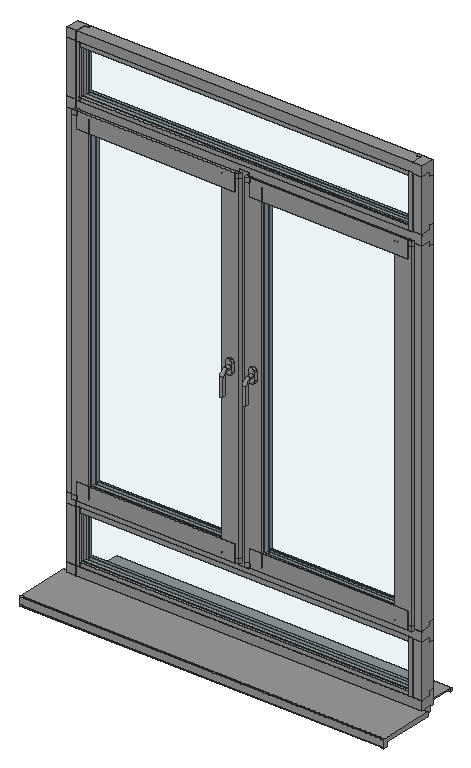
Revit family "deceuninck_okonniy_blok_dvustvorchatiy_s_framugoi_sverhu_i_snizu", category Окна, Revit 2016
Family settings
  Основа = Стена
  Номер OmniClass = 23.30.20.00
  Заголовок OmniClass = Windows
  Всегда вертикально = Да
  При загрузке вырезать с полостями = Нет
  Общий = Нет
  Точка расчета площади = Нет
Parameters (values of type "Энвин ЭКО-60")
  Ширина профиля = 60 mm
  Ширина проема [instance] = ADSK_Ширина рамы + Монтажный зазор.Левый + Монтажный зазор.Правый  # 1640 mm
  Шир прав створка [instance] = if(Одинаковые створки, ADSK_Ширина рамы / 2, Створка правая.Ширина)  # 800 mm
  Четверть.Ширина [instance] = 65 mm
  Четверть.Правая [instance] = if(and(Четверть правая.Видимость, Четверть), Четверть.Ширина, 0 mm)  # 65 mm
  Четверть.Левая [instance] = if(and(Четверть левая.Видимость, Четверть), Четверть.Ширина, 0 mm)  # 65 mm
  Четверть.Глубина [instance] = 120 mm
  Четверть.Высота [instance] = 65 mm
  Четверть правая.Видимость [instance] = yes
  Четверть левая.Видимость [instance] = yes
  Четверть.Врхняя [instance] = if(Четверть, Четверть.Высота, 0 mm)  # 65 mm
  Четверть [instance] = yes
  Цвет профиля = ""
  Фрамуга нижняя.Высота [instance] = 300 mm
  Фрамуга верхняя.Высота [instance] = ADSK_Высота рамы - Высота створки - Фрамуга нижняя.Высота  # 300 mm
  Формула стеклопакета = ""
  Толщина стеклопакета = "32"
  Стеклопакет.Толщина = 32 mm
  Створка правая.Ширина [instance] = 800 mm
  Створка правая [instance] = stvorka : Поворотная право
  Створка левая.Ширина [instance] = ADSK_Ширина рамы - Шир прав створка  # 800 mm
  Створка левая [instance] = stvorka : Поворотная лево
  Система фурнитуры [instance] = ""
  Расчетное значение ветровой нагрузки [instance] = 400
  Рама.Окно.Ширина [instance] = 1600 mm
  Рама.Окно.Высота [instance] = 2200 mm
  Профильная система = "Энвин ЭКО 60"
  Проем.Окно.Ширина [instance] = 1640 mm
  Проем.Окно.Высота [instance] = 2255 mm
  Приточный клапан [instance] = no
  Watermarked By = ""
  Rough Width = 0 mm  # constant formula
  Rough Height = 0 mm  # constant formula
  Подоконник.Глубина [instance] = 0 mm
  Подоконник. Видимость [instance] = yes
  Подоконник [instance] = podokonnik : ПВХ 250
  Площаль элемента [instance] = ADSK_Ширина рамы * ADSK_Высота рамы / 1000000 mm  # 3.52 mm
  Отлив.Свес [instance] = 35 mm
  Отлив.Видимость [instance] = yes
  Откосы.Глубина [instance] = 310 mm
  Одинаковые створки [instance] = no
  Огнестойкость = "Е-15"
  Наименование = "Окно 2-створчатое с фрамугой сверху и снизу Энвин ЭКО-60"
  Монтажный зазор.Спереди [instance] = 10 mm
  Монтажный зазор.Правый [instance] = if(Четверть правая.Видимость, Монтажный зазор.Боковой, 0 mm)  # 20 mm
  Монтажный зазор.Низ [instance] = 10 mm
  Монтажный зазор.Левый [instance] = if(Четверть левая.Видимость, Монтажный зазор.Боковой, 0 mm)  # 20 mm
  Монтажный зазор.Верх [instance] = 20 mm
  Монтажный зазор.Боковой = 20 mm
  Материал-Стеклопакет = none
  Материал-Рама = none
  Материал-Подоконник = ПВХ, белый
  Материал-Отлив = Лист оцинкованый, белый
  Класс профиля = "Тип В"
  Завод-изготовитель [instance] = "ООО Декёнинк Рус, Россия"  # constant formula
  ГОСТ = "ГОСТ 30673-2013"
  Высота створки [instance] = 1600 mm
  Высота прфиля створки = 76 mm
  Высота профиля рамы = 62 mm
  Высота профиля имоста = 82 mm
  Высота проема [instance] = ADSK_Высота рамы + 25 mm + Монтажный зазор.Верх + Монтажный зазор.Низ  # 2255 mm
  Height = 0 mm  # constant formula
  Высота подоконника по умолчанию = 800 mm
  Замыкание стены = По основе
  Width = 0 mm  # constant formula
  Артикул створки/армирование рстворки = "ZE 60D  /  AR1"
  Артикул рамы/армирование рамы = "LE 60D  /  AR1"
  Артикул импоста/армирование импоста = "TE 60D  /  20 x 35"
  Аналитическая конструкция = "<Нет>"
  λ краевой зоны стеклопакета = 0.0600 (m²·K)/W
  Rстеклопакета = 0.7600 (m²·K)/W
  Rпрофиля = 0.6800 (m²·K)/W
  Rпривед [instance] = 1 / (((Ширина профиля / 1000 mm) * (5.4 - 4 * (Ширина профиля / 1000 mm)) / (1.8 * Rпрофиля / Rед)) + ((1.2 - 2 * (Ширина профиля / 1000 mm)) * (1.5 - 2 * (Ширина профиля / 1000 mm)) / (1.8 * Rстеклопакета / Rед)) + (5.4 - 8 * (Ширина профиля / 1000 mm)) * (λ краевой зоны стеклопакета / Rед))  # 0.61064
  Rед = 1.0000 (m²·K)/W
  Iфактич [instance] = ""
  Iтреб [instance] = (((Расчетное значение ветровой нагрузки / 1000000) * ((ADSK_Высота рамы / 10) ^ 4) * (Шир прав створка / 20)) / (1 mm * 1920 mm * 210000 mm * (ADSK_Высота рамы / 3000)) * (25 - (40 * ((Шир прав створка / 20) / ADSK_Высота рамы) ^ 2) + (16 * ((Шир прав створка / 20) / ADSK_Высота рамы) ^ 4))) + (((Расчетное значение ветровой нагрузки / 1000000) * ((ADSK_Высота рамы / 10) ^ 4) * (Створка левая.Ширина / 20)) / (1 mm * 1920 mm * 210000 mm * (ADSK_Высота рамы / 3000)) * (25 - (40 * ((Створка левая.Ширина / 20) / ADSK_Высота рамы) ^ 2) + (16 * ((Створка левая.Ширина / 20) / ADSK_Высота рамы) ^ 4)))  # 6.335 mm
  ADSK_Ширина рамы [instance] = 1600 mm
  ADSK_Позиция [instance] = ""
  ADSK_Высота рамы [instance] = 2200 mm
Reference planes
  plane 1 "По центру (Вперед/Назад)": y = 0
  plane 2 "По центру (Влево/Вправо)": x = 0
  plane 3 "Подоконник": z = 800
  plane 4 "Наружный": y = 250
  plane 5 "Внутренние": y = -250
  plane 6: x = -820
  plane 7: x = 820
  plane 8: x = -755
  plane 9: x = 755
  plane 10: y = 130
  plane 11: z = 3000
  plane 12: x = -800
  plane 13: x = 800
  plane 14: z = 775
  plane 15: z = 3020
  plane 16: z = 765
  plane 17: z = 2955
  plane 18: y = 120
  plane 19: y = 60
  plane 20: x = -738
  plane 21: x = 738
  plane 22: z = 2938
  plane 23: z = 862
  plane 24: x = 0
  plane 25: x = -41
  plane 26: x = 41
  plane 27: y = 107
  plane 28: y = 70
  plane 29: y = 450
  plane 30: z = 2700
  plane 31: z = 1100
Forms (mm)
  Extrusion 1, void
    sketch origin (0, -250, 0) x (1, 0, 0) y (0, 0, 1)
      loop
        line (-820, 3020) -> (-820, 765) -> (820, 765) -> (820, 3020) -> (-820, 3020)
    from 0 to -380
  Extrusion 2, void
    sketch origin (-2200.521, 130, 1000) x (1, 0, 0) y (0, 0, 1)
      loop
        line (1445.521, 1955) -> (1445.521, -235) -> (2955.521, -235) -> (2955.521, 1955) -> (1445.521, 1955)
    from 0 to -320
  Extrusion 3, solid, material <- "Материал-Рама", detail levels fine
    sketch origin (0, 0, 800) x (0, -1, 0) y (-1, 0, 0)
      loop
        line (-120, 800) -> (-120, 738) -> (-107, 738) -> (-107, 758) -> (-60, 758) -> (-60, 800) -> (-120, 800)
      loop
        line (-120, -738) -> (-120, -800) -> (-60, -800) -> (-60, -758) -> (-107, -758) -> (-107, -738) -> (-120, -738)
    from 0 to -2200
  Extrusion 4, solid, material <- "Материал-Рама", detail levels fine
    sketch origin (-750, 0, 0) x (0, -1, 0) y (0, 0, 1)
      loop
        line (-60, 800) -> (-60, 842) -> (-107, 842) -> (-107, 862) -> (-120, 862) -> (-120, 800) -> (-60, 800)
      loop
        line (-60, 2958) -> (-60, 3000) -> (-120, 3000) -> (-120, 2938) -> (-107, 2938) -> (-107, 2958) -> (-60, 2958)
    from 50 to -1550
  Extrusion 5, solid, material <- "Материал-Рама", detail levels fine
    sketch origin (0, 0, 800) x (0, -1, 0) y (-1, 0, 0)
      loop
        line (-120, 41) -> (-120, -41) -> (-107, -41) -> (-107, -21) -> (-60, -21) -> (-60, 21) -> (-107, 21) -> (-107, 41) -> (-120, 41)
    from -300 to -1900
  Extrusion 6, solid, material <- "Материал-Рама"
    sketch origin (-233.865, 107, 2257) x (0, 0, 1) y (-1, 0, 0)
      loop
        line (-1457, 566.135) -> (-1482, 566.135) -> (-1482, -1033.865) -> (-1457, -1033.865) -> (-1457, 566.135)
    from 0 to 37
  Extrusion 7, solid, material "Лист оцинкованый, белый" <- "Материал-Отлив", visible <- "Отлив.Видимость", detail levels fine
    sketch origin (755, 531.754, 1000) x (0, 1, 0) y (0, 0, 1)
      loop
        line (-424.754, -225) -> (-251.754, -225) -> (-251.754, -235) -> (-246.754, -235) -> (-246.754, -220) -> (-424.754, -215) -> (-424.754, -225)
    from 0 to -1510
  Extrusion 8, solid, detail levels medium
    sketch origin (0, 0, 800) x (0, -1, 0) y (-1, 0, 0)
      loop
        line (-120, 800) -> (-120, 738) -> (-60, 738) -> (-60, 800) -> (-120, 800)
      loop
        line (-120, -800) -> (-60, -800) -> (-60, -738) -> (-120, -738) -> (-120, -800)
    from 0 to -2200
  Extrusion 9, solid, detail levels medium
    sketch origin (-750, 0, 0) x (0, -1, 0) y (0, 0, 1)
      loop
        line (-120, 3000) -> (-120, 2938) -> (-60, 2938) -> (-60, 3000) -> (-120, 3000)
      loop
        line (-60, 800) -> (-60, 862) -> (-120, 862) -> (-120, 800) -> (-60, 800)
    from -1550 to 50
  Extrusion 10, solid, detail levels coarse
    sketch origin (0, 0, 800) x (0, -1, 0) y (-1, 0, 0)
      loop
        line (-120, 800) -> (-120, 689) -> (-47, 689) -> (-47, 800) -> (-120, 800)
      loop
        line (-120, -800) -> (-47, -800) -> (-47, -689) -> (-120, -689) -> (-120, -800)
    from 0 to -2200
  Extrusion 11, solid, detail levels coarse
    sketch origin (-750, 0, 0) x (0, -1, 0) y (0, 0, 1)
      loop
        line (-120, 2889) -> (-47, 2889) -> (-47, 3000) -> (-120, 3000) -> (-120, 2889)
      loop
        line (-47, 800) -> (-47, 911) -> (-120, 911) -> (-120, 800) -> (-47, 800)
      loop
        line (-47, 2790) -> (-120, 2790) -> (-120, 2610) -> (-47, 2610) -> (-47, 2790)
      loop
        line (-120, 1010) -> (-47, 1010) -> (-47, 1190) -> (-120, 1190) -> (-120, 1010)
    from -1550 to 50
  Extrusion 12, solid, detail levels medium
    sketch origin (0, 0, 800) x (0, -1, 0) y (-1, 0, 0)
      loop
        line (-120, 21) -> (-120, -21) -> (-60, -21) -> (-60, 21) -> (-120, 21)
    from -300 to -1900
  Extrusion 13, solid, detail levels fine
    sketch origin (-750, 0, 0) x (0, -1, 0) y (0, 0, 1)
      loop
        line (-60, 2679) -> (-60, 2721) -> (-107, 2721) -> (-107, 2741) -> (-120, 2741) -> (-120, 2659) -> (-107, 2659) -> (-107, 2679) -> (-60, 2679)
      loop
        line (-60, 1079) -> (-60, 1121) -> (-107, 1121) -> (-107, 1141) -> (-120, 1141) -> (-120, 1059) -> (-107, 1059) -> (-107, 1079) -> (-60, 1079)
    from -1550 to 50
  Extrusion 14, solid, detail levels medium
    sketch origin (-750, 0, 0) x (0, -1, 0) y (0, 0, 1)
      loop
        line (-60, 1121) -> (-120, 1121) -> (-120, 1079) -> (-60, 1079) -> (-60, 1121)
      loop
        line (-60, 2721) -> (-120, 2721) -> (-120, 2679) -> (-60, 2679) -> (-60, 2721)
    from -1550 to 50
  Extrusion 15, solid, detail levels coarse
    sketch origin (0, 0, 0) x (1, 0, 0) y (0, 1, 0)
      loop
        line (-89, 120) -> (-89, 47) -> (89, 47) -> (89, 120) -> (-89, 120)
    from 1100 to 2700
Lines and regions (mm)
  symbolic lines, style "Windows"
    curve 1: line (-800, 130, 0) -> (800, 130, 0)
Text (mm)
  text "Наружный" at (0, 923.751, 2943.296), in view "Справа"
  text "Наружный" at (0, 1040.484, 2685.409), in view "Слева"
Dimensions and locks
  "Высота подоконника по умолчанию": plane 3 "Подоконник" to level
  locked: plane 4 "Наружный" to host wall at 0
  locked: plane 5 "Внутренние" to host wall
  "Четверть.Глубина": plane 10 to plane 4 "Наружный"
  "ADSK_Высота рамы": plane 11 to plane 3 "Подоконник"
  "Монтажный зазор.Верх": plane 15 to plane 11
  locked: plane 3 "Подоконник" to plane 14 at 25
  "Монтажный зазор.Низ": plane 14 to plane 16
  "Четверть.Врхняя": plane 15 to plane 17
  equal spacing: plane 13, plane 2 "По центру (Влево/Вправо)", plane 12
  "ADSK_Ширина рамы": plane 13 to plane 12
  "Четверть.Левая": plane 8 to plane 6
  "Четверть.Правая": plane 7 to plane 9
  "Монтажный зазор.Левый": plane 12 to plane 6
  "Монтажный зазор.Правый": plane 13 to plane 7
  "Монтажный зазор.Спереди": plane 10 to plane 18
  "Ширина профиля": plane 18 to plane 19
  "Высота профиля рамы": plane 12 to plane 20
  locked: Extrusion 3 sketch curve to Extrusion 3 sketch curve at 13  (x2)
  locked: Extrusion 3 sketch curve to Extrusion 3 sketch curve at 20  (x2)
  "Высота профиля рамы": plane 21 to plane 13
  "Высота профиля рамы": plane 11 to plane 22
  "Высота профиля рамы": plane 3 "Подоконник" to plane 23
  locked: Extrusion 4 sketch curve to Extrusion 4 sketch curve at 13  (x2)
  locked: Extrusion 4 sketch curve to Extrusion 4 sketch curve at 20  (x2)
  "Шир прав створка": plane 13 to plane 24
  equal spacing: plane 25, plane 24, plane 26
  "Высота профиля имоста": plane 25 to plane 26
  locked: Extrusion 5 sketch curve to plane 26 at 20
  locked: plane 25 to Extrusion 5 sketch curve at 20
  locked: plane 18 to plane 27 at 13
  locked: plane 28 to plane 19 at 10
  locked: Extrusion 7 sketch curve to Extrusion 7 sketch curve at 5  (x2)
  locked: Extrusion 7 sketch curve to Extrusion 7 sketch curve at 10
  "Отлив.Свес": Extrusion 7 to plane 4 "Наружный"
  locked: plane 4 "Наружный" to plane 29 at 200
  "Откосы.Глубина": plane 19 to plane 5 "Внутренние"
  locked: Extrusion 13 sketch curve to Extrusion 13 sketch curve at 20  (x4)
  "Высота профиля имоста": Extrusion 13 sketch curve to Extrusion 13 sketch curve  (x2)
  equal spacing: Extrusion 13 sketch curve, plane 30, Extrusion 13 sketch curve
  "Фрамуга нижняя.Высота": plane 31 to plane 3 "Подоконник"
  "Высота створки": plane 30 to plane 31
  equal spacing: Extrusion 13 sketch curve, plane 31, Extrusion 13 sketch curve
  "Проем.Окно.Высота": plane 15 to plane 16
  "Рама.Окно.Высота": plane 11 to plane 3 "Подоконник"
  "Проем.Окно.Ширина": plane 7 to plane 6
  "Рама.Окно.Ширина": plane 12 to plane 13
  aligned and locked: Extrusion 1 sketch curve to plane 15
  aligned and locked: Extrusion 1 sketch curve to plane 6
  aligned and locked: Extrusion 1 sketch curve to plane 7
  aligned and locked: Extrusion 1 sketch curve to plane 16
  aligned and locked: plane 10 to Extrusion 1
  aligned and locked: Extrusion 2 sketch curve to plane 17
  aligned and locked: Extrusion 2 sketch curve to plane 8
  aligned and locked: Extrusion 2 sketch curve to plane 9
  aligned and locked: Extrusion 2 sketch curve to plane 16
  aligned and locked: Extrusion 3 sketch curve to plane 18
  aligned and locked: Extrusion 3 sketch curve to plane 19
  aligned and locked: Extrusion 3 sketch curve to plane 20
  aligned and locked: Extrusion 3 sketch curve to plane 12
  aligned and locked: plane 18 to Extrusion 3 sketch curve
  aligned and locked: plane 19 to Extrusion 3 sketch curve
  aligned and locked: Extrusion 3 sketch curve to plane 13
  aligned and locked: Extrusion 3 sketch curve to plane 21
  aligned and locked: plane 11 to Extrusion 3
  aligned and locked: Extrusion 4 sketch curve to plane 19  (x2)
  aligned and locked: Extrusion 4 sketch curve to plane 18  (x2)
  aligned and locked: Extrusion 4 sketch curve to plane 23
  aligned and locked: Extrusion 4 sketch curve to plane 3 "Подоконник"
  aligned and locked: Extrusion 4 sketch curve to plane 22
  aligned and locked: Extrusion 4 sketch curve to plane 11
  aligned and locked: Extrusion 4 to plane 13
  aligned and locked: Extrusion 4 to plane 12
  aligned and locked: Extrusion 5 sketch curve to plane 18
  aligned and locked: Extrusion 5 sketch curve to plane 19
  aligned and locked: Extrusion 6 sketch curve to plane 12
  aligned and locked: Extrusion 6 sketch curve to plane 3 "Подоконник"
  aligned and locked: Extrusion 6 sketch curve to plane 14
  aligned and locked: plane 13 to Extrusion 6 sketch curve
  aligned and locked: plane 28 to Extrusion 6
  aligned and locked: nested 1 to plane 3 "Подоконник"
  aligned and locked: plane 28 to nested 1
  aligned and locked: nested 1 to plane 2 "По центру (Влево/Вправо)"
  aligned and locked: plane 14 to Extrusion 7 sketch curve
  aligned and locked: Extrusion 7 to plane 8
  aligned and locked: plane 27 to Extrusion 7 sketch curve
  aligned and locked: plane 29 to Extrusion 2
  aligned and locked: curve 1 to plane 10
  aligned and locked: plane 11 to Extrusion 8
  aligned and locked: Extrusion 9 sketch curve to plane 11
  aligned and locked: Extrusion 9 sketch curve to plane 22
  aligned and locked: Extrusion 9 sketch curve to plane 19  (x2)
  aligned and locked: Extrusion 9 sketch curve to plane 18  (x2)
  aligned and locked: Extrusion 9 sketch curve to plane 3 "Подоконник"
  aligned and locked: Extrusion 9 sketch curve to plane 23
  aligned and locked: Extrusion 9 to plane 13
  aligned and locked: Extrusion 8 sketch curve to plane 20
  aligned and locked: Extrusion 8 sketch curve to plane 19  (x2)
  aligned and locked: Extrusion 8 sketch curve to plane 12
  aligned and locked: plane 13 to Extrusion 8 sketch curve
  aligned and locked: plane 21 to Extrusion 8 sketch curve
  aligned and locked: Extrusion 10 sketch curve to plane 12
  aligned and locked: Extrusion 10 sketch curve to plane 18  (x2)
  aligned and locked: plane 13 to Extrusion 10 sketch curve
  aligned and locked: plane 11 to Extrusion 10
  aligned and locked: Extrusion 11 sketch curve to plane 18  (x2)
  aligned and locked: Extrusion 10 to Extrusion 11 sketch curve  (x4)
  aligned and locked: Extrusion 11 sketch curve to plane 11
  aligned and locked: Extrusion 11 sketch curve to plane 3 "Подоконник"
  aligned and locked: Extrusion 11 to plane 13
  aligned and locked: Extrusion 8 sketch curve to plane 18  (x2)
  aligned and locked: Extrusion 12 sketch curve to Extrusion 5  (x3)
  aligned and locked: Extrusion 11 to plane 12
  aligned and locked: Extrusion 9 to plane 12
  aligned and locked: Extrusion 8 to Extrusion 13 sketch curve
  aligned and locked: Extrusion 10 to Extrusion 13 sketch curve
  aligned and locked: Extrusion 13 sketch curve to plane 27  (x2)
  aligned and locked: Extrusion 13 to plane 13
  aligned and locked: Extrusion 13 to plane 12
  aligned and locked: Extrusion 14 to plane 12
  aligned and locked: Extrusion 14 to plane 13
  aligned and locked: nested 2 to Extrusion 4
  aligned and locked: nested 2 to Extrusion 13
  aligned and locked: plane 27 to nested 2
  aligned and locked: nested 2 to Extrusion 3
  aligned and locked: Extrusion 14 sketch curve to Extrusion 13  (x6)
  aligned and locked: Extrusion 13 to Extrusion 14 sketch curve  (x2)
  aligned and locked: nested 3 to Extrusion 13
  aligned and locked: nested 3 to Extrusion 4
  aligned and locked: plane 27 to nested 3
  aligned and locked: nested 3 to Extrusion 3
  aligned and locked: nested 4 to Extrusion 13  (x2)
  aligned and locked: plane 27 to nested 4
  aligned and locked: nested 4 to Extrusion 3
  aligned and locked: Extrusion 12 to nested 4
  aligned and locked: nested 5 to Extrusion 13  (x2)
  aligned and locked: plane 27 to nested 5
  aligned and locked: Extrusion 3 to nested 5
  aligned and locked: nested 5 to Extrusion 12
  aligned and locked: Extrusion 3 to nested 2
  aligned and locked: Extrusion 3 to nested 3
  aligned and locked: Extrusion 12 to plane 31
  aligned and locked: Extrusion 5 to Extrusion 12  (x2)
  aligned and locked: plane 30 to Extrusion 12
  aligned and locked: Extrusion 15 sketch curve to plane 18
  aligned and locked: Extrusion 11 to Extrusion 15 sketch curve
  aligned and locked: nested 4 to Extrusion 15 sketch curve
  aligned and locked: Extrusion 15 sketch curve to nested 5
  aligned and locked: Extrusion 15 to Extrusion 5  (x2)
Automatic sketch dimensions
  host wall to Extrusion 7 sketch curve = 30 mm
  Extrusion 7 sketch curve to Extrusion 7 sketch curve = 10 mm
  Extrusion 5 sketch curve to plane 26 = 0 mm
  plane 27 to Extrusion 5 sketch curve = 0 mm  (x2)
  Extrusion 5 sketch curve to plane 25 = 0 mm
  curve 1 to plane 12 = 0 mm
  curve 1 to plane 13 = 0 mm
  Extrusion 11 sketch curve to plane 19 = 13 mm  (x2)
  Extrusion 10 sketch curve to plane 19 = 13 mm  (x2)
  plane 20 to Extrusion 10 sketch curve = 49 mm
  plane 31 to Extrusion 11 sketch curve = 90 mm
  Extrusion 11 sketch curve to plane 30 = 90 mm
  plane 21 to Extrusion 10 sketch curve = 49 mm
  plane 23 to Extrusion 11 sketch curve = 49 mm
  Extrusion 11 sketch curve to plane 31 = 90 mm
  plane 30 to Extrusion 11 sketch curve = 90 mm
  plane 22 to Extrusion 11 sketch curve = 49 mm
  Extrusion 12 sketch curve to plane 18 = 0 mm
  Extrusion 13 sketch curve to plane 18 = 0 mm
  Extrusion 13 sketch curve to plane 27 = 0 mm  (x2)
  Extrusion 13 sketch curve to plane 19 = 0 mm
  plane 31 to Extrusion 13 sketch curve = 41 mm
Nested families
  nested 1: "podokonnik" at (0, 70, 800), Материал-Подоконник <- "Материал-Подоконник", Длина подоконника <- "Ширина проема", type <- "Подоконник", visible <- "Подоконник. Видимость", type "ПВХ 250", detail levels fine
    with Материал-Подоконник ПВХ, белый, Длина подоконника 1640 mm
  nested 2: "stvorka" at (0, 107, 2721), Профиль.Ширина <- "Ширина профиля", Стеклопакет.Толщина <- "Стеклопакет.Толщина", Профиль.Высота <- "Высота прфиля створки", type "Глухая"
    with Стеклопакет.Толщина 32 mm, Створка.Ширина 1516 mm, Створка.Высота 237 mm, Ручка.Расстояние от низа створки 118.5 mm, Профиль.Ширина 60 mm, Профиль.Высота 76 mm, Материал.Профиль none
  nested 3: "stvorka" at (0, 107, 842), Профиль.Ширина <- "Ширина профиля", Стеклопакет.Толщина <- "Стеклопакет.Толщина", Профиль.Высота <- "Высота прфиля створки", type "Глухая"
    with Стеклопакет.Толщина 32 mm, Створка.Ширина 1516 mm, Створка.Высота 237 mm, Ручка.Расстояние от низа створки 118.5 mm, Профиль.Ширина 60 mm, Профиль.Высота 76 mm, Материал.Профиль none
  nested 4: "stvorka" at (389.5, 107, 1121), Профиль.Ширина <- "Ширина профиля", Стеклопакет.Толщина <- "Стеклопакет.Толщина", type <- "Створка правая", Профиль.Высота <- "Высота прфиля створки", type "Поворотная право"
    with Стеклопакет.Толщина 32 mm, Створка.Ширина 737 mm, Створка.Высота 1558 mm, Ручка.Расстояние от низа створки 779 mm, Профиль.Ширина 60 mm, Профиль.Высота 76 mm, Материал.Профиль none
  nested 5: "stvorka" at (-389.5, 107, 1121), Профиль.Ширина <- "Ширина профиля", Стеклопакет.Толщина <- "Стеклопакет.Толщина", type <- "Створка левая", Профиль.Высота <- "Высота прфиля створки", type "Поворотная лево"
    with Стеклопакет.Толщина 32 mm, Створка.Ширина 737 mm, Створка.Высота 1558 mm, Ручка.Расстояние от низа створки 779 mm, Профиль.Ширина 60 mm, Профиль.Высота 76 mm, Материал.Профиль none
Definition of nested family "podokonnik"
  Parameters (values of type "ПВХ 150")
    Материал-Подоконник [instance] = none
    Длина подоконника [instance] = 1500 mm
    Глубина подоконника = 150 mm
    Watermarked By = ""
    Type Comments = "﻿﻿ ​ ​​​​​​         ​       ​ ﻿ ​ ​ ﻿     ﻿ ​       ﻿   ﻿     ﻿   ​       ﻿  ﻿ ﻿   ﻿ ﻿   ﻿        ​﻿ ﻿ ﻿         ﻿     ﻿    ﻿﻿​   ﻿       ﻿                       ﻿​  ﻿  ​  ﻿﻿"
    Keynote = "﻿﻿ ​ ​​​​​​         ​       ​ ﻿ ​ ​ ﻿     ﻿ ​       ﻿   ﻿     ﻿   ​       ﻿  ﻿ ﻿   ﻿ ﻿   ﻿        ​﻿ ﻿ ﻿         ﻿     ﻿    ﻿﻿​   ﻿       ﻿                       ﻿​  ﻿  ​  ﻿﻿"
    Description = "﻿﻿ ​ ​​​​​​         ​       ​ ﻿ ​ ​ ﻿     ﻿ ​       ﻿   ﻿     ﻿   ​       ﻿  ﻿ ﻿   ﻿ ﻿   ﻿        ​﻿ ﻿ ﻿         ﻿     ﻿    ﻿﻿​   ﻿       ﻿                       ﻿​  ﻿  ​  ﻿﻿"
    Assembly Code = "﻿﻿ ​ ​​​​​​         ​       ​ ﻿ ​ ​ ﻿     ﻿ ​       ﻿   ﻿     ﻿   ​       ﻿  ﻿ ﻿   ﻿ ﻿   ﻿        ​﻿ ﻿ ﻿         ﻿     ﻿    ﻿﻿​   ﻿       ﻿                       ﻿​  ﻿  ​  ﻿﻿"
  Types (13, lengths in mm): name | Глубина подоконника
    ПВХ 100 | 100
    ПВХ 150 | 150
    ПВХ 200 | 200
    ПВХ 250 | 250
    ПВХ 300 | 300
    ПВХ 350 | 350
    ПВХ 400 | 400
    ПВХ 450 | 450
    ПВХ 500 | 500
    ПВХ 550 | 550
    ПВХ 600 | 600
    ПВХ 650 | 650
    ПВХ 700 | 700
  Reference planes
    plane 1 "По центру (Вперед/Назад)": y = 0
    plane 2: z = 0
    plane 3 "По центру (Влево/Вправо)": x = 0
    plane 4: y = -150
    plane 5: x = 750
    plane 6: x = -750
  Forms (mm)
    Extrusion 1, solid, material <- "Материал-Подоконник"
      sketch origin (0, 0, 0) x (0, 1, 0) y (0, 0, 1)
        loop
          line (0, 0) -> (-146, 0)
          arc (-146, 0) -> (-148.828, -1.172) -> (-150, -4) r 4
          line (-150, -4) -> (-150, -36)
          arc (-150, -36) -> (-148.828, -38.828) -> (-146, -40) r 4
          line (-146, -40) -> (-130, -40) -> (-130, -20) -> (0, -20) -> (0, 0)
      from -750 to 750
  Dimensions and locks
    "Глубина подоконника": plane 1 "По центру (Вперед/Назад)" to plane 4
    equal spacing: plane 6, plane 3 "По центру (Влево/Вправо)", plane 5
    "Длина подоконника": plane 6 to plane 5
    aligned and locked: level to plane 2
    aligned and locked: plane 2 to Extrusion 1 sketch curve
    aligned and locked: plane 4 to Extrusion 1 sketch curve  (x2)
    aligned and locked: plane 5 to Extrusion 1
    aligned and locked: Extrusion 1 to plane 6
  Automatic sketch dimensions
    Extrusion 1 sketch curve to plane 1 "По центру (Вперед/Назад)" = 0 mm
    Extrusion 1 sketch curve to level = 20 mm
    Extrusion 1 sketch curve to level = 4 mm
    Extrusion 1 sketch curve to Extrusion 1 sketch curve = 16 mm  (x2)
    Extrusion 1 sketch curve to Extrusion 1 sketch curve = 4 mm
Definition of nested family "stvorka"
  Parameters (values of type "Поворотно-откидная лево")
    Стеклопакет.Толщина [instance] = 32 mm
    Створка.Ширина [instance] = 700 mm
    Створка.Открытие = not(Створка.Глухая)  # yes
    Створка.Высота [instance] = 1400 mm
    Ручка.Расстояние от низа створки [instance] = Створка.Высота / 2  # 700 mm
    Ручка справа = yes
    Ручка снизу = no
    Ручка слева = no
    Ручка сверху. = no
    Профиль.Ширина [instance] = 58 mm
    Профиль.Высота [instance] = 77 mm
    Открывание правое = no
    Открывание низ = no
    Открывание левое = yes
    Открывание верх = yes
    Створка.Глухая = no
    Материал.Стеклопакет = none
    Материал.Профиль [instance] = none
    Watermarked By = ""
    Type Comments = "﻿﻿ ​ ​​​​​​         ​       ​ ﻿ ​ ​ ﻿     ﻿ ​       ﻿   ﻿     ﻿   ​       ﻿  ﻿ ﻿   ﻿ ﻿   ﻿        ​﻿ ﻿ ﻿         ﻿     ﻿    ﻿﻿​   ﻿       ﻿                       ﻿​  ﻿  ​  ﻿﻿"
    Keynote = "﻿﻿ ​ ​​​​​​         ​       ​ ﻿ ​ ​ ﻿     ﻿ ​       ﻿   ﻿     ﻿   ​       ﻿  ﻿ ﻿   ﻿ ﻿   ﻿        ​﻿ ﻿ ﻿         ﻿     ﻿    ﻿﻿​   ﻿       ﻿                       ﻿​  ﻿  ​  ﻿﻿"
    Description = "﻿﻿ ​ ​​​​​​         ​       ​ ﻿ ​ ​ ﻿     ﻿ ​       ﻿   ﻿     ﻿   ​       ﻿  ﻿ ﻿   ﻿ ﻿   ﻿        ​﻿ ﻿ ﻿         ﻿     ﻿    ﻿﻿​   ﻿       ﻿                       ﻿​  ﻿  ​  ﻿﻿"
    Assembly Code = "﻿﻿ ​ ​​​​​​         ​       ​ ﻿ ​ ​ ﻿     ﻿ ​       ﻿   ﻿     ﻿   ​       ﻿  ﻿ ﻿   ﻿ ﻿   ﻿        ​﻿ ﻿ ﻿         ﻿     ﻿    ﻿﻿​   ﻿       ﻿                       ﻿​  ﻿  ​  ﻿﻿"
    Analytic Construction = "<Нет>"
  Types (5, lengths in mm): name | Створка.Ширина | Створка.Открытие | Створка.Высота | Ручка.Расстояние от низа створки | Ручка справа | Ручка слева | Открывание правое | Открывание левое | Открывание верх | Створка.Глухая
    Глухая | 600 | no | 1500 | 750 | no | no | no | no | no | yes
    Поворотная право | 600 | yes | 1500 | 750 | no | yes | yes | no | no | no
    Поворотная лево | 600 | yes | 1500 | 750 | yes | no | no | yes | no | no
    Поворотно-откидная право | 600 | yes | 1500 | 750 | no | yes | yes | no | yes | no
    Поворотно-откидная лево | 700 | yes | 1400 | 700 | yes | no | no | yes | yes | no
  Reference planes
    plane 1 "По центру (Вперед/Назад)": y = 0
    plane 2: z = 0
    plane 3 "По центру (Влево/Вправо)": x = 0
    plane 4: x = -338
    plane 5: x = 338
    plane 6: y = -58
    plane 7: z = 1400
    plane 8: y = -16
    plane 9: y = -48
    plane 10: y = -51
    plane 11: x = -350
    plane 12: x = 350
    plane 13: z = 12
    plane 14: z = -8
    plane 15: z = 1408
    plane 16: z = 1388
    plane 17: z = 700
    plane 18: x = -358
    plane 19: x = -281
    plane 20: x = 358
    plane 21: x = 281
    plane 22: z = 1331
    plane 23: z = 69
    plane 24: z = 700
  Forms (mm)
    Extrusion 1, solid, material <- "Материал.Профиль", visible <- "Створка.Открытие", detail levels fine
      sketch origin (0, 0, 0) x (1, 0, 0) y (0, 1, 0)
        loop
          line (-338, 0) -> (-338, -45) -> (-358, -45) -> (-358, -58) -> (-281, -58) -> (-281, -51) -> (-301, -51) -> (-301, -13) -> (-281, -13) -> (-284, 0) -> (-338, 0)
        loop
          line (338, 0) -> (284, 0) -> (281, -13) -> (301, -13) -> (301, -51) -> (281, -51) -> (281, -58) -> (358, -58) -> (358, -45) -> (338, -45) -> (338, 0)
      from 12 to 1388
    Extrusion 2, solid, visible <- "Створка.Открытие", detail levels fine
      sketch origin (0, 0, 0) x (1, 0, 0) y (0, 1, 0)
        loop
          line (-301, -13) -> (-301, -51) -> (-281, -51) -> (-281, -48) -> (-291, -48) -> (-291, -16) -> (-281, -16) -> (-281, -13) -> (-301, -13)
        loop
          line (301, -13) -> (281, -13) -> (281, -16) -> (291, -16) -> (291, -48) -> (281, -48) -> (281, -51) -> (301, -51) -> (301, -13)
      from 49 to 1351
    Extrusion 3, solid, material <- "Материал.Профиль", visible <- "Створка.Открытие", detail levels fine
      sketch origin (0, 0, 12) x (0, 1, 0) y (0, 0, 1)
        loop
          line (-58, 57) -> (-58, -20) -> (-45, -20) -> (-45, 0) -> (0, 0) -> (0, 54) -> (-13, 57) -> (-13, 37) -> (-51, 37) -> (-51, 57) -> (-58, 57)
        loop
          line (-58, 1319) -> (-51, 1319) -> (-51, 1339) -> (-13, 1339) -> (-13, 1319) -> (0, 1322) -> (0, 1376) -> (-45, 1376) -> (-45, 1396) -> (-58, 1396) -> (-58, 1319)
      from -338 to 338
    Extrusion 4, solid, visible <- "Створка.Открытие", detail levels fine
      sketch origin (0, 0, 0) x (0, 1, 0) y (0, 0, 1)
        loop
          line (-16, 69) -> (-16, 59) -> (-48, 59) -> (-48, 69) -> (-51, 69) -> (-51, 49) -> (-13, 49) -> (-13, 69) -> (-16, 69)
        loop
          line (-51, 1351) -> (-51, 1331) -> (-48, 1331) -> (-48, 1341) -> (-16, 1341) -> (-16, 1331) -> (-13, 1331) -> (-13, 1351) -> (-51, 1351)
      from -301 to 301
    Extrusion 5, solid, material <- "Материал.Профиль", visible <- "Створка.Открытие", detail levels fine
      sketch origin (-963, -48, 1200) x (-1, 0, 0) y (0, 0, 1)
        loop
          line (-605, 208) -> (-625, 208) -> (-625, 188) -> (-605, 188) -> (-605, 208)
        loop
          line (-1301, 208) -> (-1321, 208) -> (-1321, 188) -> (-1301, 188) -> (-1301, 208)
        loop
          line (-625, -1188) -> (-625, -1208) -> (-605, -1208) -> (-605, -1188) -> (-625, -1188)
        loop
          line (-1321, -1188) -> (-1321, -1208) -> (-1301, -1208) -> (-1301, -1188) -> (-1321, -1188)
      from 3 to -10
    Extrusion 6, solid, material <- "Материал.Стеклопакет", visible <- "Створка.Открытие"
      sketch origin (0, -16, 59) x (0, -1, 0) y (1, 0, 0)
        loop
          line (0, 291) -> (0, -291) -> (32, -291) -> (32, 291) -> (0, 291)
      from 0 to 1282
    Extrusion 7, solid, material <- "Материал.Профиль", visible <- "Створка.Открытие", detail levels medium
      sketch origin (0, 0, 0) x (1, 0, 0) y (0, 1, 0)
        loop
          line (-281, 0) -> (-358, 0) -> (-358, -58) -> (-281, -58) -> (-281, 0)
        loop
          line (358, 0) -> (281, 0) -> (281, -58) -> (358, -58) -> (358, 0)
      from 12 to 1388
    Extrusion 8, solid, material <- "Материал.Профиль", visible <- "Створка.Открытие", detail levels medium
      sketch origin (0, 0, 0) x (0, 1, 0) y (0, 0, 1)
        loop
          line (0, 1408) -> (-58, 1408) -> (-58, 1331) -> (0, 1331) -> (0, 1408)
        loop
          line (0, 69) -> (-58, 69) -> (-58, -8) -> (0, -8) -> (0, 69)
      from -358 to 358
    Extrusion 9, solid, material <- "Материал.Профиль", visible <- "Створка.Глухая", detail levels fine
      sketch origin (0, 0, 0) x (0, 1, 0) y (0, 0, 1)
        loop
          line (-45, 1400) -> (-45, 1383) -> (-38, 1380) -> (-38, 1400) -> (-45, 1400)
        loop
          line (-45, 0) -> (-38, 0) -> (-38, 20) -> (-45, 17) -> (-45, 0)
      from -350 to 350
    Extrusion 10, solid, visible <- "Створка.Глухая", detail levels fine
      sketch origin (0, 0, 0) x (0, 1, 0) y (0, 0, 1)
        loop
          line (0, 1400) -> (-38, 1400) -> (-38, 1380) -> (-35, 1380) -> (-35, 1390) -> (-3, 1390) -> (-3, 1380) -> (0, 1380) -> (0, 1400)
        loop
          line (0, 0) -> (0, 20) -> (-3, 20) -> (-3, 10) -> (-35, 10) -> (-35, 20) -> (-38, 20) -> (-38, 0) -> (0, 0)
      from -350 to 350
    Extrusion 11, solid, visible <- "Створка.Глухая", detail levels fine
      sketch origin (0, 0, 0) x (1, 0, 0) y (0, 1, 0)
        loop
          line (-350, 0) -> (-350, -38) -> (-330, -38) -> (-330, -35) -> (-340, -35) -> (-340, -3) -> (-330, -3) -> (-330, 0) -> (-350, 0)
        loop
          line (350, 0) -> (330, 0) -> (330, -3) -> (340, -3) -> (340, -35) -> (330, -35) -> (330, -38) -> (350, -38) -> (350, 0)
      from 0 to 1400
    Extrusion 12, solid, material <- "Материал.Профиль", visible <- "Створка.Глухая", detail levels fine
      sketch origin (0, 0, 0) x (1, 0, 0) y (0, 1, 0)
        loop
          line (-350, -38) -> (-350, -45) -> (-333, -45) -> (-330, -38) -> (-350, -38)
        loop
          line (350, -38) -> (330, -38) -> (333, -45) -> (350, -45) -> (350, -38)
      from 0 to 1400
    Extrusion 13, solid, material <- "Материал.Стеклопакет", visible <- "Створка.Глухая"
      sketch origin (0, 0, 0) x (1, 0, 0) y (0, 1, 0)
        loop
          line (-340, -3) -> (-340, -35) -> (340, -35) -> (340, -3) -> (-340, -3)
      from 10 to 1390
    Extrusion 14, solid, material <- "Материал.Профиль", visible <- "Створка.Глухая", detail levels medium
      sketch origin (0, 0, 0) x (1, 0, 0) y (0, 1, 0)
        loop
          line (-330, 0) -> (-350, 0) -> (-350, -45) -> (-330, -45) -> (-330, 0)
        loop
          line (350, 0) -> (330, 0) -> (330, -45) -> (350, -45) -> (350, 0)
      from 0 to 1400
    Extrusion 15, solid, material <- "Материал.Профиль", visible <- "Створка.Глухая", detail levels medium
      sketch origin (-350, 682.027, 1200) x (0, 1, 0) y (0, 0, 1)
        loop
          line (-682.027, 180) -> (-682.027, 200) -> (-727.027, 200) -> (-727.027, 180) -> (-682.027, 180)
        loop
          line (-682.027, -1200) -> (-682.027, -1180) -> (-727.027, -1180) -> (-727.027, -1200) -> (-682.027, -1200)
      from 0 to 700
  Lines and regions (mm)
    symbolic lines, visible <- "Открывание правое"
      curve 1: line (281, 0, 1331) -> (-281, 0, 700)
      curve 2: line (-281, 0, 700) -> (281, 0, 69)
    symbolic lines, visible <- "Открывание левое"
      curve 3: line (-281, 0, 1331) -> (281, 0, 700)
      curve 4: line (281, 0, 700) -> (-281, 0, 69)
    symbolic lines, visible <- "Открывание верх"
      curve 5: line (-281, 0, 69) -> (0, 0, 1331)
      curve 6: line (0, 0, 1331) -> (281, 0, 69)
    symbolic lines, visible <- "Открывание низ"
      curve 7: line (-281, 0, 1331) -> (0, 0, 69)
      curve 8: line (0, 0, 69) -> (281, 0, 1331)
    symbolic lines, visible <- "Створка.Глухая"
      curve 9: line (0, 0, 650) -> (0, 0, 750)
      curve 10: line (-50, 0, 700) -> (50, 0, 700)
  Dimensions and locks
    locked: Extrusion 1 sketch curve to Extrusion 1 sketch curve at 13  (x2)
    "Профиль.Ширина": plane 1 "По центру (Вперед/Назад)" to plane 6
    "Стеклопакет.Толщина": plane 8 to plane 9
    locked: plane 8 to plane 1 "По центру (Вперед/Назад)" at 16
    locked: Extrusion 1 to Extrusion 2 sketch curve at 10
    locked: Extrusion 2 sketch curve to Extrusion 1 at 10
    locked: plane 9 to plane 10 at 3
    locked: Extrusion 3 sketch curve to Extrusion 3 sketch curve at 13  (x2)
    locked: Extrusion 4 sketch curve to Extrusion 3 at 10  (x2)
    "Створка.Высота": plane 7 to plane 2
    locked: plane 4 to plane 11 at 12
    locked: plane 12 to plane 5 at 12
    equal spacing: plane 12, plane 3 "По центру (Влево/Вправо)", plane 11
    "Створка.Ширина": plane 12 to plane 11
    locked: plane 15 to plane 7 at 8
    locked: plane 7 to plane 16 at 12
    locked: plane 2 to plane 14 at 8
    locked: plane 13 to plane 2 at 12
    "Профиль.Высота": plane 18 to plane 19
    "Профиль.Высота": plane 21 to plane 20
    locked: plane 21 to Extrusion 2 at 20
    "Профиль.Высота": plane 22 to plane 15
    locked: plane 11 to plane 18 at 8
    locked: plane 20 to plane 12 at 8
    locked: Extrusion 2 to plane 19 at 20
    "Профиль.Высота": plane 23 to plane 14
    "Ручка.Расстояние от низа створки": plane 17 to plane 2
    locked: nested 3 to plane 13 at 18.5
    locked: nested 4 to plane 16 at 18.5
    locked: nested 1 to plane 4 at 18.5
    locked: plane 5 to nested 2 at 18.5
    equal spacing: plane 7, plane 24, plane 2
    locked: Extrusion 10 sketch curve to Extrusion 10 sketch curve at 20  (x2)
    locked: plane 1 "По центру (Вперед/Назад)" to Extrusion 10 sketch curve at 3  (x2)
    "Стеклопакет.Толщина": Extrusion 10 sketch curve to Extrusion 10 sketch curve  (x2)
    locked: plane 11 to Extrusion 11 sketch curve at 10
    locked: Extrusion 11 sketch curve to Extrusion 11 sketch curve at 3  (x2)
    locked: Extrusion 11 sketch curve to plane 1 "По центру (Вперед/Назад)" at 3
    "Стеклопакет.Толщина": Extrusion 11 sketch curve to Extrusion 11 sketch curve  (x2)
    locked: Extrusion 11 sketch curve to plane 12 at 10
    locked: Extrusion 1 to Extrusion 11 sketch curve at 3
    locked: Extrusion 14 to Extrusion 15 sketch curve at 20  (x2)
    locked: Extrusion 11 to Extrusion 14 sketch curve at 20
    locked: Extrusion 14 sketch curve to Extrusion 14 sketch curve at 20
    curve 9 to plane 24 to curve 9 = 50 mm locked, 50 mm locked
    curve 10 to plane 3 "По центру (Влево/Вправо)" to curve 10 = 50 mm locked, 50 mm locked
    locked: Extrusion 7 to Extrusion 1 sketch curve at 13  (x2)
    locked: Extrusion 3 sketch curve to Extrusion 8 at 13  (x2)
    locked: Extrusion 4 to plane 23 at 20
    locked: Extrusion 4 to plane 22 at 20
    locked: Extrusion 14 to Extrusion 13 at 10
    locked: Extrusion 10 sketch curve to Extrusion 13 at 10
    aligned and locked: level to plane 2
    aligned and locked: Extrusion 1 sketch curve to plane 4
    aligned and locked: plane 6 to Extrusion 1 sketch curve
    aligned and locked: plane 1 "По центру (Вперед/Назад)" to Extrusion 1 sketch curve
    aligned and locked: plane 10 to Extrusion 1 sketch curve
    aligned and locked: Extrusion 2 sketch curve to Extrusion 1  (x9)
    aligned and locked: Extrusion 2 sketch curve to plane 9
    aligned and locked: Extrusion 2 sketch curve to plane 8
    aligned and locked: Extrusion 1 sketch curve to plane 5
    aligned and locked: Extrusion 1 sketch curve to plane 6
    aligned and locked: Extrusion 1 sketch curve to plane 1 "По центру (Вперед/Назад)"
    aligned and locked: Extrusion 1 to Extrusion 2 sketch curve
    aligned and locked: plane 6 to Extrusion 3 sketch curve
    aligned and locked: plane 1 "По центру (Вперед/Назад)" to Extrusion 3 sketch curve
    aligned and locked: plane 10 to Extrusion 3 sketch curve
    aligned and locked: plane 13 to Extrusion 3
    aligned and locked: plane 8 to Extrusion 4 sketch curve  (x2)
    aligned and locked: plane 9 to Extrusion 4 sketch curve
    aligned and locked: Extrusion 4 sketch curve to Extrusion 3  (x8)
    aligned and locked: Extrusion 3 to Extrusion 4 sketch curve  (x2)
    aligned and locked: plane 5 to Extrusion 3
    aligned and locked: plane 14 to Extrusion 3
    aligned and locked: Extrusion 3 to plane 4
    aligned and locked: Extrusion 4 to Extrusion 1  (x2)
    aligned and locked: Extrusion 2 to Extrusion 4
    aligned and locked: Extrusion 3 sketch curve to plane 6
    aligned and locked: Extrusion 3 sketch curve to plane 1 "По центру (Вперед/Назад)"
    aligned and locked: plane 15 to Extrusion 3 sketch curve
    aligned and locked: Extrusion 2 to Extrusion 4 sketch curve
    aligned and locked: Extrusion 1 to Extrusion 3  (x2)
    aligned and locked: Extrusion 5 sketch curve to plane 15
    aligned and locked: Extrusion 5 sketch curve to plane 16
    aligned and locked: Extrusion 5 sketch curve to plane 4
    aligned and locked: Extrusion 5 to plane 6
    aligned and locked: Extrusion 2 to Extrusion 3
    aligned and locked: plane 5 to Extrusion 5 sketch curve  (x2)
    aligned and locked: plane 16 to Extrusion 5 sketch curve
    aligned and locked: plane 15 to Extrusion 5 sketch curve
    aligned and locked: plane 18 to Extrusion 1 sketch curve
    aligned and locked: Extrusion 1 sketch curve to plane 19
    aligned and locked: plane 21 to Extrusion 1 sketch curve
    aligned and locked: Extrusion 1 sketch curve to plane 20
    aligned and locked: Extrusion 3 sketch curve to plane 14
    aligned and locked: plane 13 to Extrusion 3 sketch curve
    aligned and locked: Extrusion 3 sketch curve to plane 23
    aligned and locked: plane 22 to Extrusion 3 sketch curve
    aligned and locked: Extrusion 3 sketch curve to plane 16
    aligned and locked: Extrusion 6 sketch curve to plane 8
    aligned and locked: Extrusion 6 sketch curve to plane 9
    aligned and locked: Extrusion 6 sketch curve to Extrusion 2  (x2)
    aligned and locked: Extrusion 6 to Extrusion 4
    aligned and locked: plane 4 to Extrusion 5 sketch curve
    aligned and locked: plane 18 to Extrusion 5 sketch curve
    aligned and locked: plane 13 to Extrusion 5 sketch curve  (x2)
    aligned and locked: plane 14 to Extrusion 5 sketch curve  (x2)
    aligned and locked: Extrusion 5 sketch curve to plane 20
    aligned and locked: Extrusion 7 sketch curve to plane 1 "По центру (Вперед/Назад)"  (x2)
    aligned and locked: Extrusion 7 sketch curve to plane 6  (x2)
    aligned and locked: Extrusion 7 sketch curve to plane 18
    aligned and locked: Extrusion 7 sketch curve to plane 19
    aligned and locked: plane 20 to Extrusion 7 sketch curve
    aligned and locked: plane 21 to Extrusion 7 sketch curve
    aligned and locked: Extrusion 7 to Extrusion 1
    aligned and locked: Extrusion 1 to plane 16
    aligned and locked: Extrusion 7 to Extrusion 3
    aligned and locked: plane 1 "По центру (Вперед/Назад)" to Extrusion 8 sketch curve  (x2)
    aligned and locked: plane 6 to Extrusion 8 sketch curve  (x2)
    aligned and locked: plane 15 to Extrusion 8 sketch curve
    aligned and locked: plane 22 to Extrusion 8 sketch curve
    aligned and locked: Extrusion 8 sketch curve to plane 23
    aligned and locked: plane 14 to Extrusion 8 sketch curve
    aligned and locked: Extrusion 8 to Extrusion 1  (x2)
    aligned and locked: plane 3 "По центру (Влево/Вправо)" to nested 3
    aligned and locked: plane 3 "По центру (Влево/Вправо)" to nested 4
    aligned and locked: nested 1 to plane 17
    aligned and locked: nested 2 to plane 17
    aligned and locked: Extrusion 9 sketch curve to plane 7
    aligned and locked: Extrusion 10 sketch curve to plane 7
    aligned and locked: plane 1 "По центру (Вперед/Назад)" to Extrusion 10 sketch curve
    aligned and locked: Extrusion 10 sketch curve to Extrusion 10 sketch curve  (x2)
    aligned and locked: Extrusion 10 sketch curve to plane 1 "По центру (Вперед/Назад)"
    aligned and locked: Extrusion 9 sketch curve to plane 2
    aligned and locked: Extrusion 9 sketch curve to Extrusion 10
    aligned and locked: Extrusion 9 to plane 11
    aligned and locked: Extrusion 10 to plane 11
    aligned and locked: plane 12 to Extrusion 10
    aligned and locked: plane 12 to Extrusion 9
    aligned and locked: Extrusion 11 sketch curve to plane 11
    aligned and locked: Extrusion 11 sketch curve to plane 12
    aligned and locked: plane 1 "По центру (Вперед/Назад)" to Extrusion 11 sketch curve
    aligned and locked: Extrusion 12 sketch curve to Extrusion 11
    aligned and locked: Extrusion 12 sketch curve to plane 11
    aligned and locked: Extrusion 12 sketch curve to Extrusion 9  (x2)
    aligned and locked: Extrusion 10 to Extrusion 12 sketch curve
    aligned and locked: Extrusion 12 sketch curve to plane 12
    aligned and locked: plane 7 to Extrusion 12
    aligned and locked: plane 7 to Extrusion 11
    aligned and locked: Extrusion 13 sketch curve to Extrusion 11  (x4)
    aligned and locked: Extrusion 13 to Extrusion 10  (x2)
    aligned and locked: Extrusion 14 sketch curve to plane 1 "По центру (Вперед/Назад)"  (x2)
    aligned and locked: Extrusion 14 sketch curve to plane 11
    aligned and locked: Extrusion 14 sketch curve to plane 12
    aligned and locked: plane 7 to Extrusion 14
    aligned and locked: Extrusion 15 sketch curve to Extrusion 10
    aligned and locked: plane 7 to Extrusion 15 sketch curve
    aligned and locked: plane 2 to Extrusion 15 sketch curve
    aligned and locked: plane 1 "По центру (Вперед/Назад)" to Extrusion 15 sketch curve
    aligned and locked: curve 10 to plane 24
    aligned and locked: Extrusion 14 sketch curve to Extrusion 12  (x2)
    aligned and locked: Extrusion 5 to Extrusion 1
    aligned and locked: plane 12 to Extrusion 15
    aligned and locked: Extrusion 9 to Extrusion 1  (x2)
    aligned and locked: Extrusion 15 sketch curve to Extrusion 1  (x2)
  Automatic sketch dimensions
    curve 4 to plane 19 = 0 mm
    curve 1 to plane 17 = 0 mm
    curve 1 to plane 19 = 0 mm
    curve 3 to plane 19 = 0 mm
    curve 6 to plane 3 "По центру (Влево/Вправо)" = 0 mm
    curve 9 to plane 3 "По центру (Влево/Вправо)" = 0 mm
    curve 8 to plane 3 "По центру (Влево/Вправо)" = 0 mm
    plane 21 to curve 8 = 0 mm
    curve 4 to plane 17 = 0 mm
    plane 21 to curve 4 = 0 mm
    plane 21 to curve 2 = 0 mm
    curve 7 to plane 23 = 0 mm
    curve 5 to plane 23 = 0 mm
    curve 2 to plane 23 = 0 mm
    curve 8 to plane 22 = 0 mm
    curve 3 to plane 22 = 0 mm
    curve 6 to plane 22 = 0 mm
    Extrusion 1 sketch curve to plane 19 = 0 mm
    Extrusion 1 sketch curve to plane 21 = 0 mm
    plane 10 to Extrusion 1 sketch curve = 0 mm
    Extrusion 1 sketch curve to Extrusion 1 sketch curve = 20 mm  (x2)
    Extrusion 1 sketch curve to plane 19 = 3 mm
    Extrusion 1 sketch curve to plane 21 = 3 mm
    Extrusion 2 sketch curve to plane 9 = 0 mm
    plane 8 to Extrusion 2 sketch curve = 0 mm
    Extrusion 3 sketch curve to plane 10 = 0 mm
    Extrusion 3 sketch curve to plane 23 = 0 mm
    plane 22 to Extrusion 3 sketch curve = 0 mm
    Extrusion 3 sketch curve to plane 23 = 3 mm
    Extrusion 3 sketch curve to plane 22 = 3 mm
    plane 20 to Extrusion 5 sketch curve = 0 mm
    Extrusion 5 sketch curve to plane 18 = 0 mm
    plane 9 to Extrusion 9 sketch curve = 10 mm
    plane 13 to Extrusion 9 sketch curve = 5 mm
    plane 13 to Extrusion 9 sketch curve = 8 mm
    plane 16 to Extrusion 9 sketch curve = 8 mm
    plane 16 to Extrusion 9 sketch curve = 5 mm
    plane 4 to Extrusion 12 sketch curve = 5 mm
    plane 4 to Extrusion 12 sketch curve = 8 mm
    Extrusion 12 sketch curve to plane 5 = 8 mm
    Extrusion 12 sketch curve to plane 5 = 5 mm
    plane 9 to Extrusion 9 sketch curve = 3 mm  (x2)
    Extrusion 3 sketch curve to plane 22 = 20 mm
    Extrusion 3 sketch curve to plane 23 = 20 mm
    plane 9 to Extrusion 10 sketch curve = 10 mm
    Extrusion 10 sketch curve to Extrusion 10 sketch curve = 3 mm
    Extrusion 10 sketch curve to plane 13 = 2 mm
    Extrusion 10 sketch curve to plane 16 = 2 mm
    plane 1 "По центру (Вперед/Назад)" to Extrusion 11 sketch curve = 0 mm
    plane 4 to Extrusion 11 sketch curve = 8 mm  (x2)
    Extrusion 11 sketch curve to plane 5 = 8 mm  (x2)
  Nested families
    nested 1: "ruchka" at (-319.5, -58, 700) x (1, 0, 0) z (0, -1, 0), visible <- "Ручка слева", type "ruchka", detail levels fine
    nested 2: "ruchka" at (319.5, -58, 700) x (1, 0, 0) z (0, -1, 0), visible <- "Ручка справа", Маериал.Ручка <- "Материал.Профиль", type "ruchka", detail levels fine
    nested 3: "ruchka" at (0, -58, 30.5) x (0, 0, 1) z (0, -1, 0), visible <- "Ручка снизу", Маериал.Ручка <- "Материал.Профиль", type "ruchka", detail levels fine
    nested 4: "ruchka" at (0, -58, 1369.5) x (0, 0, 1) z (0, -1, 0), visible <- "Ручка сверху.", Маериал.Ручка <- "Материал.Профиль", type "ruchka", detail levels fine
  Definition of nested family "ruchka"
    Parameters (values of type "ruchka")
      Watermarked By = ""
      Type Comments = "﻿﻿                             ​                ​ ​       ​    ​                    ﻿  ​       ​    ﻿                ​     ​   ​ ﻿ ﻿     ﻿ ﻿﻿  ﻿ ﻿   ​ ﻿   ﻿ ﻿ ﻿﻿    ​      ﻿﻿"
      Keynote = "﻿﻿                             ​                ​ ​       ​    ​                    ﻿  ​       ​    ﻿                ​     ​   ​ ﻿ ﻿     ﻿ ﻿﻿  ﻿ ﻿   ​ ﻿   ﻿ ﻿ ﻿﻿    ​      ﻿﻿"
      Description = "﻿﻿                             ​                ​ ​       ​    ​                    ﻿  ​       ​    ﻿                ​     ​   ​ ﻿ ﻿     ﻿ ﻿﻿  ﻿ ﻿   ​ ﻿   ﻿ ﻿ ﻿﻿    ​      ﻿﻿"
      Default Elevation = 1219.2 mm
      Маериал.Ручка [instance] = none
      Assembly Code = "﻿﻿                             ​                ​ ​       ​    ​                    ﻿  ​       ​    ﻿                ​     ​   ​ ﻿ ﻿     ﻿ ﻿﻿  ﻿ ﻿   ​ ﻿   ﻿ ﻿ ﻿﻿    ​      ﻿﻿"
      Analytic Construction = "<Нет>"
    Reference planes
      plane 1 "По центру (Вперед/Назад)": y = 0
      plane 2: z = 0
      plane 3 "По центру (Влево/Вправо)": x = 0
    Forms (mm)
      Extrusion 1, solid
        sketch origin (0, 0, 0) x (1, 0, 0) y (0, 1, 0)
          loop
            line (-1219.2, 1219.2) -> (-1219.2, -1219.2) -> (1219.2, -1219.2) -> (1219.2, 1219.2) -> (-1219.2, 1219.2)
        from 0 to -304.8
      Extrusion 2, solid, material <- "Маериал.Ручка"
        sketch origin (-1, 0, 0) x (0, -1, 0) y (1, 0, 0)
          loop
            arc (-18, 15) -> (-32, 1) -> (-18, -13) r 14
            line (-18, -13) -> (18, -13)
            arc (18, -13) -> (32, 1) -> (18, 15) r 14
            line (18, 15) -> (-18, 15)
        from 0 to 10
      Sweep 3, solid, material <- "Маериал.Ручка"
        path origin (0, 0, 0) x (0, -1, 0) y (0, 0, 1)
          loop
            line (0, 10) -> (0, 30)
            arc (0, 30) -> (7.903, 42.097) -> (20, 50) r 35.203
            line (20, 50) -> (100, 50)
        profile origin (0, 0, 20) x (0, 1, 0) y (-1, 0, 0)
          loop
            line (0, 7) -> (-7, 7) -> (-7, -7) -> (0, -7)
            arc (0, -7) -> (7, 0) -> (0, 7) r 7
    Dimensions and locks
      aligned and locked: plane 2 to Extrusion 1
      aligned and locked: level to Extrusion 1
